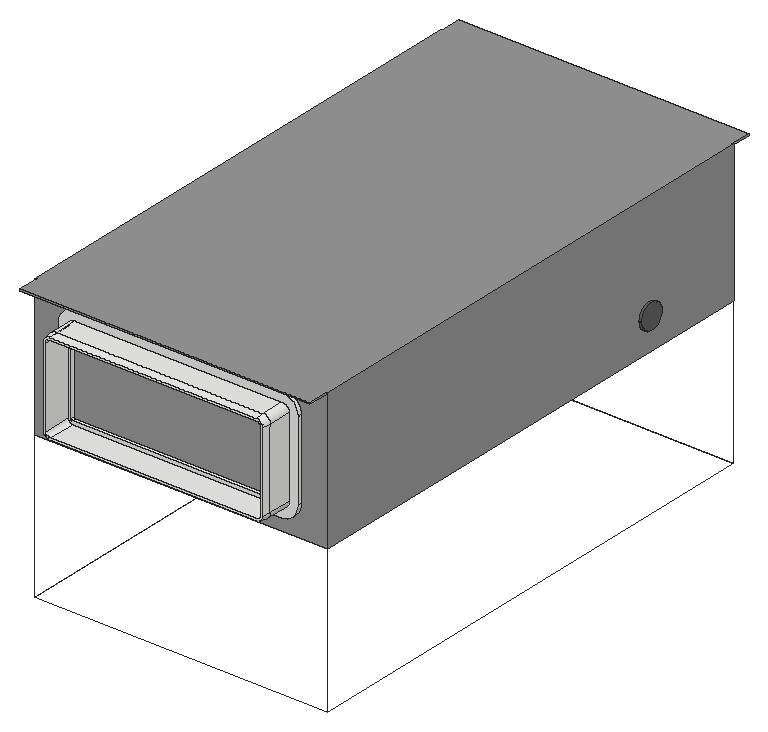
Revit family "Nuaire_IfcFanType_Mev-x2", category Mechanical Equipment, Revit 2018
Family settings
  Round Connector Dimension = Use Radius
  Part Type = Normal
  OmniClass Number = 23.75.00.00
  OmniClass Title = Climate Control (HVAC)
  Work Plane-Based = No
  Always vertical = Yes
  Cut with Voids When Loaded = No
  Shared = No
  Room Calculation Point = No
Parameters
  Width = 299.00 mm
  Weight = 7.00 kg
  Weekly = "SFG20 20-03"
  Voltage = 230.00 V
  Type Comments = "1"
  Spigot Width = 220.00 mm
  Spigot Height = 90.00 mm
  Specific Fan Power at Design Duty [instance] = "0.0"
  Set Point Concentration = ""
  Revit Family Last Revised = "2024-05-29T15:45:00"
  Responsible Sourcing of Materials = "FSC"
  Responsible Extraction of Materials = "n/a"
  Reference Standard = "ISO9001:2015"
  Quote Reference [instance] = ""
  Quarterly = "SFG20 20-03"
  Project Reference [instance] = ""
  Product Range = "MEV"
  Product Literature = ""
  Pressure Drop [instance] = 0 Pa
  Power Source = "Mains"
  Order Reference [instance] = ""
  Operation and Maintenance Manual = "https://www.nuaire.co.uk/documentstore/IandM/671924.pdf"
  OmniClass Title = "Centrifugal Fans"
  OmniClass Number = "23-33 31 19 13"
  Number of Connection Poles = 2
  Monthly = "SFG20 20-03"
  Material Ingredient Reporting = "n/a"
  Maintenance Required 8001 to 12000hrs = "https://www.nuaire.co.uk/documentstore/IandM/671924.pdf"
  Maintenance Required 601 to 1000hrs = "https://www.nuaire.co.uk/documentstore/IandM/671924.pdf"
  Maintenance Required 4001 to 8000hrs = "https://www.nuaire.co.uk/documentstore/IandM/671924.pdf"
  Maintenance Required 301 to 600hrs = "https://www.nuaire.co.uk/documentstore/IandM/671924.pdf"
  Maintenance Required 2001 to 4000hrs = "https://www.nuaire.co.uk/documentstore/IandM/671924.pdf"
  Maintenance Required 1001 to 2000hrs = "https://www.nuaire.co.uk/documentstore/IandM/671924.pdf"
  Maintenance Required 0 to 300hrs = "https://www.nuaire.co.uk/documentstore/IandM/671924.pdf"
  Location of Manufacturer = "51.571856, -3.232638"
  Location Reference [instance] = ""
  Life Cycle Analysis = 0
  Length = 560.00 mm
  IFCExportType = "CENTRIFUGALBACKWARDINCLINEDCURVED"
  IFCExportAs = "IfcFanType"
  I&M Manual = "https://www.nuaire.co.uk/documentstore/IandM/671924.pdf"
  Height = 149.00 mm
  Green Guide for Specification = "n/a"
  Full Load Current = 0.85 A
  Fire Control Panel Links = no
  Features = "n/a"
  Extract Flow [instance] = 0 L/s
  Expected Life = "n/a"
  Environmental Product Declaration = "WEEE, RoHS"
  Energy Technology List = "n/a"
  Enclosure Rating = "Not rated"
  Embodied Carbon = "n/a"
  Electrical Phase = 1
  Daily = "SFG20 20-03"
  Coverage Area = 0.00 m²
  Classification.Uniclass.Pr.Number = "Pr_65_67_29_12"
  Classification.Uniclass.Pr.Description = "Centrifugal fans"
  Catalogue Pages = ""
  COBie.Type.WarrantyGuarantorParts = Manufacturer  # "Nuaire"
  COBie.Type.WarrantyGuarantorLabor = Manufacturer  # "Nuaire"
  COBie.Type.WarrantyDurationUnit = "Year"
  COBie.Type.WarrantyDurationParts = "2"
  COBie.Type.WarrantyDurationLabor = "2"
  COBie.Type.WarrantyDescription = Warranty Period  # "2 years parts and labour"
  COBie.Type.SustainabilityPerformance = ""
  COBie.Type.Size = ""
  COBie.Type.Shape = ""
  COBie.Type.ReplacementCost = 0
  COBie.Type.NominalWidth = Width  # 299.00 mm
  COBie.Type.NominalLength = Length  # 560.00 mm
  COBie.Type.NominalHeight = Height  # 149.00 mm
  COBie.Type.Name = Model  # "MEV-X"
  COBie.Type.ModelReference = Model  # "MEV-X"
  COBie.Type.ModelNumber = Model  # "MEV-X"
  COBie.Type.Material = ""
  COBie.Type.Manufacturer = Manufacturer  # "Nuaire"
  COBie.Type.Length = Length  # 560.00 mm
  COBie.Type.Grade = ""
  COBie.Type.Finish = ""
  COBie.Type.Features = ""
  COBie.Type.ExternalIdentifier = ""
  COBie.Type.ExpectedLife = ""
  COBie.Type.DurationUnit = "Year"
  COBie.Type.Description = Description  # "Inline MEV Extract Fan with 3 speeds"
  COBie.Type.CreatedOn = Revit Family Last Revised  # "2024-05-29T15:45:00"
  COBie.Type.CreatedBy = Model Drawn by  # "Michael Grote"
  COBie.Type.Constituents = ""
  COBie.Type.Color = ""
  COBie.Type.CodePerformance = ""
  COBie.Type.Category = "Pr_65_67_29_12 : Centrifugal fans"
  COBie.Type.AssetType = ""
  COBie.Type.Area = 0.00 m²
  COBie.Type.AccessibilityPerformance = ""
  COBie.Type = yes
  COBie.ExternalIdentifier [instance] = ""
  COBie.CreatedOn [instance] = Revit Family Last Revised  # "2024-05-29T15:45:00"
  COBie.CreatedBy [instance] = Model Drawn by  # "Michael Grote"
  COBie.Component.WarrantyStartDate [instance] = "Date of Delivery"
  COBie.Component.TagNumber [instance] = ""
  COBie.Component.Space [instance] = ""
  COBie.Component.SerialNumber [instance] = ""
  COBie.Component.Name [instance] = Model  # "MEV-X"
  COBie.Component.Length [instance] = Length  # 560.00 mm
  COBie.Component.InstallationDate [instance] = ""
  COBie.Component.Description [instance] = Description  # "Inline MEV Extract Fan with 3 speeds"
  COBie.Component.BarCode [instance] = ""
  COBie.Component.AssetIdentifier [instance] = ""
  COBie.Component.Area [instance] = 0.00 m²
  COBie [instance] = yes
  CE Approval = "Yes"
  Bespoke Timeframe = "SFG20 20-03"
  Battery Type = "n/a"
  Battery Supply = no
  BMS Links = no
  Apparent Load = Full Load Current * Voltage  # 195.50 VA
  Show Access Clearance [instance] = yes
  Model Drawn by = "Michael Grote"  # constant formula
  Maximum Ambient Temperature = 50 °C
  URL = "http://www.nuaire.co.uk"
  Warranty Period = "2 years parts and labour"
  Weatherproof or Internal Only = "Internal"
  Manufacturer = "Nuaire"
  Description = "Inline MEV Extract Fan with 3 speeds"
  Annually = "SFG20 20-03"
  Address = "Western Industrial Estate, Caerphilly, UK"  # constant formula
  Postcode = "CF83 1NA"  # constant formula
  Telephone Number = "+44(0)2920-858-200"  # constant formula
  Fax Number = "+44(0)2920-858-222"  # constant formula
  Email Address = "bim@nuaire.co.uk"  # constant formula
  VAT Registration Number = "877308"  # constant formula
  Model = "MEV-X"
  6 Monthly = "SFG20 20-03"
Reference planes
  plane 1 "Center (Front/Back)": y = 0
  plane 2: z = 0
  plane 3 "Center (Left/Right)": x = 0
  plane 4: z = -70
  plane 5: x = 149.5
  plane 6: x = -149.5
  plane 7: z = -108.1
  plane 8: y = 150
Forms (mm)
  Extrusion 1, solid, material "Steel, Galvanized"
    sketch origin (0, 0, 0) x (1, 0, 0) y (0, 1, 0)
      loop
        line (-149.5, 259.325) -> (-149.5, -259.325) -> (149.5, -259.325) -> (149.5, 259.325) -> (-149.5, 259.325)
    from -142.8 to 0
  Extrusion 2, solid, material "Steel, Galvanized"
    sketch origin (0, 0, 0) x (0, 1, 0) y (0, 0, 1)
      loop
        line (-279.975, 0) -> (-279.975, -1.7) -> (-259.325, -1.7) -> (-259.325, 0) -> (-279.975, 0)
      loop
        line (279.975, 0) -> (259.325, 0) -> (259.325, -1.7) -> (279.975, -1.7) -> (279.975, 0)
    from -147.75 to 147.75
  Extrusion 3, solid, material "Steel, Galvanized", detail levels medium+fine
    sketch origin (0, 0, 0) x (1, 0, 0) y (0, 1, 0)
      loop
        line (110, 255.267) -> (-110, 255.267) -> (-110, 124.583) -> (110, 124.583) -> (110, 255.267)
      loop
        arc (-105, 115) -> (-112.071, 112.071) -> (-115, 105) r 10
        line (-115, 105) -> (-115, -105)
        arc (-115, -105) -> (-112.071, -112.071) -> (-105, -115) r 10
        line (-105, -115) -> (105, -115)
        arc (105, -115) -> (112.071, -112.071) -> (115, -105) r 10
        line (115, -105) -> (115, 105)
        arc (115, 105) -> (112.071, 112.071) -> (105, 115) r 10
        line (105, 115) -> (-105, 115)
    from -145.8 to -142.8
  Extrusion 4, solid, material "Access Clearance", visible <- "Show Access Clearance"
    sketch origin (0, 0, 0) x (1, 0, 0) y (0, 1, 0)
      loop
        line (-149.5, 259.325) -> (-149.5, -259.325) -> (149.5, -259.325) -> (149.5, 259.325) -> (-149.5, 259.325)
    from -292 to -142.8
  Extrusion 5, solid, material "Black Plastic"
    sketch origin (0, 0, 0) x (0, 1, 0) y (0, 0, -1)
      loop
        circle (150, 108.1) r 12.7
    from -153.267 to -149.5
Cuts and joins
  joined: Extrusion 1, Extrusion 2
Dimensions and locks
  aligned and locked: level to plane 2
Nested families
  nested 1: "spigot_220x90_db" at (0, -259.325, -70) x (-1, 0, 0) z (0, -1, 0), type "spigot_220x90_db"
  nested 2: "spigot_220x90_db" at (0, 259.325, -70) x (1, 0, 0) z (0, 1, 0), type "spigot_220x90_db"
Connectors
  hvac at (0, -266.325, -70), driven by "Spigot Height", driven by "Spigot Width", driven by "Extract Flow"
    settings: on nested 1, index 1, duct flow 0 L/s, flow factor 0, pres drop 0 Pa, loss coef 0, conn angle 0.00°, conn width 220 mm, conn height 90 mm, conn diameter 609.6 mm, duct sys type 3, conn prof type 1, flow config 1, flow direction 2, loss method 0, conn ref index -1, conn util no, is conn primary yes, conn desc "Discharge"
  hvac at (0, 266.325, -70), driven by "Spigot Height", driven by "Spigot Width", driven by "Extract Flow"
    settings: on nested 2, index 2, duct flow 0 L/s, flow factor 0, pres drop 0 Pa, loss coef 0, conn angle 0.00°, conn width 220 mm, conn height 90 mm, conn diameter 609.6 mm, duct sys type 3, conn prof type 1, flow config 0, flow direction 1, loss method 0, conn ref index -1, conn util no, is conn primary no, conn desc "Intake"
  electrical at (153.267, 150, -108.1), driven by "Voltage", driven by "Apparent Load"
    settings: on Extrusion 5, index 3, voltage 230.00 V, apparent load 195.50 VA, apparent load phase1 0.00 VA, apparent load phase2 0.00 VA, apparent load phase3 0.00 VA, power factor 1, load classification "Other", number of poles 1, system type 30, power factor state 1, is connector primary yes, connector utility no, sub classification motor no, connector description "Power Supply"
Definition of nested family "spigot_220x90_db"
  Parameters (values of type "spigot_220x90_db")
    Default Elevation = 1219.20 mm
  Reference planes
    plane 1 "Center (Front/Back)": y = 0
    plane 2: z = 0
    plane 3 "Center (Left/Right)": x = 0
  Forms (mm)
    Extrusion 1, solid
      sketch origin (0, 0, 0) x (1, 0, 0) y (0, 1, 0)
        loop
          line (-1219.2, 1219.2) -> (-1219.2, -1219.2) -> (1219.2, -1219.2) -> (1219.2, 1219.2) -> (-1219.2, 1219.2)
      from 0 to -304.8
    Sweep 2, solid, detail levels medium+fine
      path origin (0, 0, 0) x (1, 0, 0) y (0, 1, 0)
        loop
          arc (-105.5, 57.5) -> (-117.521, 52.521) -> (-122.5, 40.5) r 17
          line (-122.5, 40.5) -> (-122.5, -40.5)
          arc (-122.5, -40.5) -> (-117.521, -52.521) -> (-105.5, -57.5) r 17
          line (-105.5, -57.5) -> (105.5, -57.5)
          arc (105.5, -57.5) -> (117.521, -52.521) -> (122.5, -40.5) r 17
          line (122.5, -40.5) -> (122.5, 40.5)
          arc (122.5, 40.5) -> (117.521, 52.521) -> (105.5, 57.5) r 17
          line (105.5, 57.5) -> (-105.5, 57.5)
      profile origin (0, 57.5, 0) x (0, 1, 0) y (0, 0, 1)
        loop
          line (-9.5, 27.5) -> (-10.624, 35.5) -> (-12.5, 35.5) -> (-12.5, 7) -> (-15.65, 7) -> (-15.65, 3.5) -> (-12.5, 3.5) -> (-12.5, 0) -> (0, 0) -> (0, 3.5) -> (-9.5, 3.5) -> (-9.5, 27.5)
    Extrusion 3, solid, detail levels coarse
      sketch origin (0, 0, 0) x (1, 0, 0) y (0, 1, 0)
        loop
          line (-113, 48) -> (-113, -48) -> (113, -48) -> (113, 48) -> (-113, 48)
      from 0 to 35.5
  Dimensions and locks
    aligned and locked: plane 2 to Extrusion 1
    aligned and locked: level to Extrusion 1
